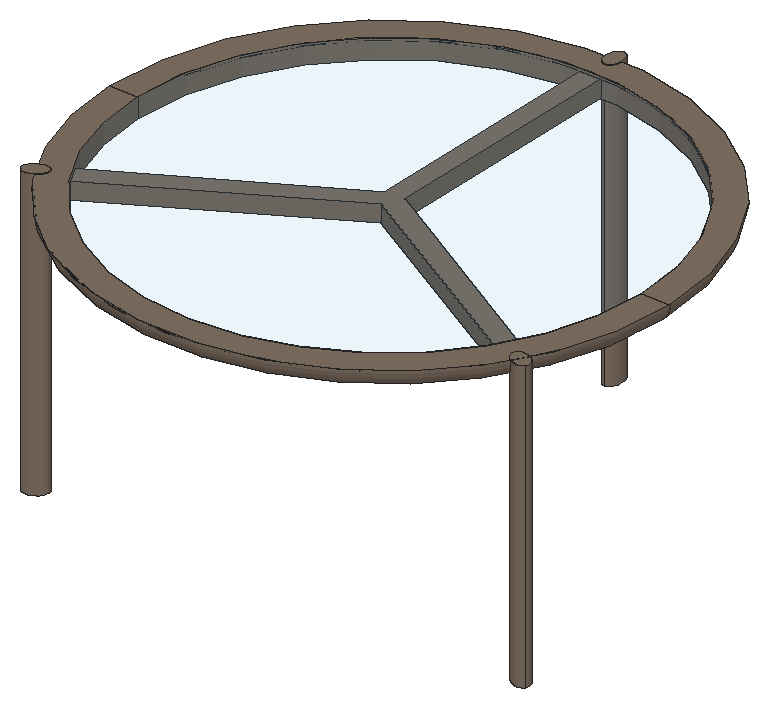
Revit family "Spoke_Tables_BIM", category Arredi, Revit 2023
Family settings
  Numero OmniClass = 23.40.20.00
  Titolo OmniClass = General Furniture and Specialties
  Basato su piano di lavoro = No
  Attiva taglio nelle viste = No
  Sempre verticale = Sì
  Taglio con vuoti quando caricato = No
  Origine composizione di rendering = Geometria famiglia
  Condiviso = No
  Punto di calcolo locali = No
Parameters (values of type "CB-325")
  URL = "https://bassamfellows.com/"
  TECHNICAL SHEET = "https://bassamfellows.com/collections/spoke-table"
  STRETCHERS 4 = no
  RADIUS = DIAMETER / 2  # 700 mm
  PRODUCT SHEET = "https://www.archiproducts.com/it/prodotti/bassamfellows/tavolo-rotondo-in-legno-e-vetro-spoke-tavolo_448120"
  PRODUCT CODE = "CB-325"
  Modello = "Spoke Dining Table"
  Produttore = "BassamFellows"
  MATERIAL DESCRIPTION = "Sliced solid wood, custom laminated, bent and carved. Low iron glass inset top."  # constant formula
  HEIGHT = 720 mm
  Descrizione = "Round wood and glass table"
  Prospetto di default = 0 mm
  DIAMETER = 1400 mm
  COLLECTION = "Spoke"
  BIM USER MANUAL = "https://bimcad.edilportale.com/BASSAMFELLOWS-BIM-USER-MANUAL-BassamFellows-bim.pdf"
  BIM BADGE = "https://bim.archiproducts.com/it/badge/bim-archiproducts-featured_658700/about"
  BIM AUTHOR = "https://bim.archiproducts.com/"
  BASE MATERIAL = BASSAM_FELLOWS_WALNUT_BLACK_OIL_W-BO
  AVAILABLE FINISHES = "Ebonized black lacquer on Ash (EB) or bleached, white pigment, matte acrylic on Ash (BL). Raw effect lacquer on Oak (RE). Hand rubbed natural oil on Oak or Walnut (NA), or hand rubbed black oil on Walnut (BO)."  # constant formula
  AVAILABLE DIMENSIONS = ""
  AVAILABLE COLORS = ""
  ACCESSORIES = ""
  325 = yes
  324 = no
  323 = no
Types (3, lengths in mm): name | STRETCHERS 4 | RADIUS | PRODUCT SHEET | PRODUCT CODE | DIAMETER | 325 | 324 | 323
  CB-325 | no | 700 | "https://www.archiproducts.com/it/prodotti/bassamfellows/tavolo-rotondo-in-legno-e-vetro-spoke-tavolo_448120" | "CB-325" | 1400 | yes | no | no
  CB-324 | yes | 600 | "https://www.archiproducts.com/it/prodotti/bassamfellows/tavolino-rotondo-in-legno-e-vetro-spoke-tavolino_448121" | "CB-324" | 1200 | no | yes | no
  CB-323 | yes | 450 | "https://www.archiproducts.com/it/prodotti/bassamfellows/tavolino-rotondo-in-legno-e-vetro-spoke-tavolino_448121" | "CB-323" | 900 | no | no | yes
Reference planes
  plane 1 "Center (Front/Back)": y = 0
  plane 2: z = 0
  plane 3 "Center (Left/Right)": x = 0
  plane 4 "TOP": z = 720
Forms (mm)
  Extrusion 1, solid, material "Glass", detail levels fine
    sketch origin (0, 0, 720) x (-1, 0, 0) y (0, -1, 0)
      loop
        circle (0, 0) r 630
    from 0 to -6.313
  Revolve 2, solid, material "BASSAM_FELLOWS_WALNUT_BLACK_OIL_W-BO" <- "BASE MATERIAL", detail levels fine
    sketch origin (0, 0, 0) x (1, 0, 0) y (0, 0, 1)
      loop
        line (-630, 720) -> (-700, 720)
        arc (-700, 720) -> (-685.355, 684.645) -> (-650, 670) r 50
        line (-650, 670) -> (-630, 670) -> (-630, 720)
      axis (0, 720) -> (0, 670)
    angle from 0 to 360
  Extrusion 3, solid, material "BASSAM_FELLOWS_WALNUT_BLACK_OIL_W-BO" <- "BASE MATERIAL", visible <- "323", detail levels fine
    sketch origin (0, 0, 0) x (1, 0, 0) y (0, 1, 0)
      loop
        spline (0, 420) -> (5.176, 421.022) -> (10, 424.019) -> (14.142, 428.787) -> (17.321, 435) -> (19.319, 442.235) -> (20, 450) -> (19.319, 457.765) -> (17.321, 465) -> (14.142, 471.213) -> (10, 475.981) -> (5.176, 478.978) -> (0, 480)
        spline (0, 480) -> (-5.176, 478.978) -> (-10, 475.981) -> (-14.142, 471.213) -> (-17.321, 465) -> (-19.319, 457.765) -> (-20, 450) -> (-19.319, 442.235) -> (-17.321, 435) -> (-14.142, 428.787) -> (-10, 424.019) -> (-5.176, 421.022) -> (0, 420)
      loop
        spline (0, -420) -> (-5.176, -421.022) -> (-10, -424.019) -> (-14.142, -428.787) -> (-17.321, -435) -> (-19.319, -442.235) -> (-20, -450) -> (-19.319, -457.765) -> (-17.321, -465) -> (-14.142, -471.213) -> (-10, -475.981) -> (-5.176, -478.978) -> (0, -480)
        spline (0, -480) -> (5.176, -478.978) -> (10, -475.981) -> (14.142, -471.213) -> (17.321, -465) -> (19.319, -457.765) -> (20, -450) -> (19.319, -442.235) -> (17.321, -435) -> (14.142, -428.787) -> (10, -424.019) -> (5.176, -421.022) -> (0, -420)
      loop
        spline (420, 0) -> (421.022, -5.176) -> (424.019, -10) -> (428.787, -14.142) -> (435, -17.321) -> (442.235, -19.319) -> (450, -20) -> (457.765, -19.319) -> (465, -17.321) -> (471.213, -14.142) -> (475.981, -10) -> (478.978, -5.176) -> (480, 0)
        spline (480, 0) -> (478.978, 5.176) -> (475.981, 10) -> (471.213, 14.142) -> (465, 17.321) -> (457.765, 19.319) -> (450, 20) -> (442.235, 19.319) -> (435, 17.321) -> (428.787, 14.142) -> (424.019, 10) -> (421.022, 5.176) -> (420, 0)
      loop
        spline (-420, 0) -> (-421.022, 5.176) -> (-424.019, 10) -> (-428.787, 14.142) -> (-435, 17.321) -> (-442.235, 19.319) -> (-450, 20) -> (-457.765, 19.319) -> (-465, 17.321) -> (-471.213, 14.142) -> (-475.981, 10) -> (-478.978, 5.176) -> (-480, 0)
        spline (-480, 0) -> (-478.978, -5.176) -> (-475.981, -10) -> (-471.213, -14.142) -> (-465, -17.321) -> (-457.765, -19.319) -> (-450, -20) -> (-442.235, -19.319) -> (-435, -17.321) -> (-428.787, -14.142) -> (-424.019, -10) -> (-421.022, -5.176) -> (-420, 0)
    from 0 to 720
  Extrusion 4, solid, material "BASSAM_FELLOWS_WALNUT_BLACK_OIL_W-BO" <- "BASE MATERIAL", visible <- "325", detail levels fine
    sketch origin (0, 0, 720) x (-1, 0, 0) y (0, -1, 0)
      loop
        line (25, -14.434) -> (561.915, 295.554)
        arc (561.915, 295.554) -> (549.926, 317.5) -> (536.915, 338.856) r 530
        line (536.915, 338.856) -> (0, 28.868) -> (-536.915, 338.856)
        arc (-536.915, 338.856) -> (-549.926, 317.5) -> (-561.915, 295.554) r 530
        line (-561.915, 295.554) -> (-25, -14.434) -> (-25, -634.41)
        arc (-25, -634.41) -> (0, -635) -> (25, -634.41) r 530
        line (25, -634.41) -> (25, -14.434)
    from -6.313 to -50
  Extrusion 5, solid, detail levels medium
    sketch origin (0, 0, 0) x (1, 0, 0) y (0, 1, 0)
      loop
        circle (0, 0) r 700
    from 0 to 720
  Extrusion 6, solid, material "BASSAM_FELLOWS_WALNUT_BLACK_OIL_W-BO" <- "BASE MATERIAL", visible <- "324", detail levels fine
    sketch origin (0, 0, 0) x (1, 0, 0) y (0, 1, 0)
      loop
        spline (0, 570) -> (5.176, 571.022) -> (10, 574.019) -> (14.142, 578.787) -> (17.321, 585) -> (19.319, 592.235) -> (20, 600) -> (19.319, 607.765) -> (17.321, 615) -> (14.142, 621.213) -> (10, 625.981) -> (5.176, 628.978) -> (0, 630)
        spline (0, 630) -> (-5.176, 628.978) -> (-10, 625.981) -> (-14.142, 621.213) -> (-17.321, 615) -> (-19.319, 607.765) -> (-20, 600) -> (-19.319, 592.235) -> (-17.321, 585) -> (-14.142, 578.787) -> (-10, 574.019) -> (-5.176, 571.022) -> (0, 570)
      loop
        spline (0, -570.843) -> (-5.176, -571.865) -> (-10, -574.862) -> (-14.142, -579.63) -> (-17.321, -585.843) -> (-19.319, -593.078) -> (-20, -600.843) -> (-19.319, -608.608) -> (-17.321, -615.843) -> (-14.142, -622.056) -> (-10, -626.824) -> (-5.176, -629.821) -> (0, -630.843)
        spline (0, -630.843) -> (5.176, -629.821) -> (10, -626.824) -> (14.142, -622.056) -> (17.321, -615.843) -> (19.319, -608.608) -> (20, -600.843) -> (19.319, -593.078) -> (17.321, -585.843) -> (14.142, -579.63) -> (10, -574.862) -> (5.176, -571.865) -> (0, -570.843)
      loop
        spline (570, 0) -> (571.022, -5.176) -> (574.019, -10) -> (578.787, -14.142) -> (585, -17.321) -> (592.235, -19.319) -> (600, -20) -> (607.765, -19.319) -> (615, -17.321) -> (621.213, -14.142) -> (625.981, -10) -> (628.978, -5.176) -> (630, 0)
        spline (630, 0) -> (628.978, 5.176) -> (625.981, 10) -> (621.213, 14.142) -> (615, 17.321) -> (607.765, 19.319) -> (600, 20) -> (592.235, 19.319) -> (585, 17.321) -> (578.787, 14.142) -> (574.019, 10) -> (571.022, 5.176) -> (570, 0)
      loop
        spline (-570, 0) -> (-571.022, 5.176) -> (-574.019, 10) -> (-578.787, 14.142) -> (-585, 17.321) -> (-592.235, 19.319) -> (-600, 20) -> (-607.765, 19.319) -> (-615, 17.321) -> (-621.213, 14.142) -> (-625.981, 10) -> (-628.978, 5.176) -> (-630, 0)
        spline (-630, 0) -> (-628.978, -5.176) -> (-625.981, -10) -> (-621.213, -14.142) -> (-615, -17.321) -> (-607.765, -19.319) -> (-600, -20) -> (-592.235, -19.319) -> (-585, -17.321) -> (-578.787, -14.142) -> (-574.019, -10) -> (-571.022, -5.176) -> (-570, 0)
    from 0 to 720
  Extrusion 7, void
    sketch origin (0, 0, 720) x (-1, 0, 0) y (0, -1, 0)
      loop
        circle (0, 0) r 800
      loop
        circle (0, 0) r 700
    from 102.88 to -152.087
  Extrusion 8, solid, material "BASSAM_FELLOWS_WALNUT_BLACK_OIL_W-BO" <- "BASE MATERIAL", visible <- "STRETCHERS 4", detail levels fine
    sketch origin (0, 0, 720) x (-1, 0, 0) y (0, -1, 0)
      loop
        line (25, -25) -> (634.41, -25)
        arc (634.41, -25) -> (635, 0) -> (634.41, 25) r 530
        line (634.41, 25) -> (25, 25) -> (25, 634.41)
        arc (25, 634.41) -> (0, 635) -> (-25, 634.41) r 530
        line (-25, 634.41) -> (-25, 25) -> (-634.41, 25)
        arc (-634.41, 25) -> (-635, 0) -> (-634.41, -25) r 530
        line (-634.41, -25) -> (-25, -25) -> (-25, -634.41)
        arc (-25, -634.41) -> (0, -635) -> (25, -634.41) r 530
        line (25, -634.41) -> (25, -25)
    from -6.313 to -50
  Extrusion 9, solid, material "BASSAM_FELLOWS_WALNUT_BLACK_OIL_W-BO" <- "BASE MATERIAL", visible <- "325", detail levels fine
    sketch origin (0.211, -0.056, 0) x (0.866012, -0.500023, 0) y (0.500023, 0.866012, 0)
      loop
        spline (670, 0) -> (671.022, -5.176) -> (674.019, -10) -> (678.787, -14.142) -> (685, -17.321) -> (692.235, -19.319) -> (700, -20) -> (707.765, -19.319) -> (715, -17.321) -> (721.213, -14.142) -> (725.981, -10) -> (728.978, -5.176) -> (730, 0)
        spline (730, 0) -> (728.978, 5.176) -> (725.981, 10) -> (721.213, 14.142) -> (715, 17.321) -> (707.765, 19.319) -> (700, 20) -> (692.235, 19.319) -> (685, 17.321) -> (678.787, 14.142) -> (674.019, 10) -> (671.022, 5.176) -> (670, 0)
      loop
        spline (-335.226, 580.171) -> (-331.255, 583.645) -> (-328.576, 588.652) -> (-327.373, 594.852) -> (-327.727, 601.822) -> (-329.615, 609.087) -> (-332.907, 616.152) -> (-337.38, 622.536) -> (-342.728, 627.803) -> (-348.587, 631.594) -> (-354.558, 633.652) -> (-360.234, 633.835) -> (-365.228, 632.132)
        spline (-365.228, 632.132) -> (-369.2, 628.659) -> (-371.878, 623.651) -> (-373.082, 617.451) -> (-372.727, 610.481) -> (-370.84, 603.216) -> (-367.547, 596.151) -> (-363.075, 589.768) -> (-357.727, 584.501) -> (-351.867, 580.71) -> (-345.896, 578.652) -> (-340.22, 578.468) -> (-335.226, 580.171)
      loop
        spline (-335.334, -580.466) -> (-340.328, -578.763) -> (-346.004, -578.947) -> (-351.974, -581.005) -> (-357.833, -584.797) -> (-363.181, -590.065) -> (-367.653, -596.448) -> (-370.945, -603.514) -> (-372.832, -610.779) -> (-373.186, -617.749) -> (-371.982, -623.949) -> (-369.303, -628.956) -> (-365.331, -632.429)
        spline (-365.331, -632.429) -> (-360.337, -634.132) -> (-354.661, -633.948) -> (-348.69, -631.89) -> (-342.831, -628.098) -> (-337.483, -622.83) -> (-333.011, -616.447) -> (-329.719, -609.381) -> (-327.832, -602.116) -> (-327.479, -595.146) -> (-328.682, -588.946) -> (-331.362, -583.939) -> (-335.334, -580.466)
    from 0 to 720
Cuts and joins
  Extrusion 7 cuts Extrusion 4
  Extrusion 7 cuts Extrusion 8
Lines and regions (mm)
  symbolic lines, detail levels coarse
    curve 1: circle (0, 0, 720) r 700 normal (0, 0, 1)
  symbolic lines, not visible, detail levels coarse
    curve 2: circle (0, 0, 720) r 250 normal (0, 0, 1)
Dimensions and locks
  "HEIGHT": plane 4 "TOP" to plane 2
  "RADIUS": Revolve 2 sketch curve to Revolve 2 sketch curve
  "RADIUS": radius of curve 1
  "RADIUS": radius of Extrusion 5 sketch curve
  "RADIUS": radius of Extrusion 7 sketch curve
  aligned and locked: level to plane 2
  aligned and locked: Extrusion 1 sketch curve to Revolve 2  (x2)
  aligned and locked: Revolve 2 to Extrusion 4
  aligned and locked: plane 4 "TOP" to Extrusion 5
  aligned and locked: plane 4 "TOP" to Extrusion 3
Automatic sketch dimensions
  Extrusion 4 sketch curve to plane 3 "Center (Left/Right)" = 0 mm
  Extrusion 4 sketch curve to Extrusion 4 sketch curve = 0 mm  (x2)
  plane 1 "Center (Front/Back)" to Extrusion 4 sketch curve = 28.868 mm
  plane 3 "Center (Left/Right)" to Extrusion 4 sketch curve = 25 mm
  Extrusion 4 sketch curve to plane 1 "Center (Front/Back)" = 14.434 mm
  Extrusion 4 sketch curve to Extrusion 4 sketch curve = 25 mm  (x2)
  Extrusion 4 sketch curve to Extrusion 4 sketch curve = 43.301 mm  (x2)
  plane 1 "Center (Front/Back)" to Extrusion 4 sketch curve = 295.554 mm
  plane 1 "Center (Front/Back)" to Extrusion 4 sketch curve = 338.856 mm
  plane 1 "Center (Front/Back)" to Extrusion 3 sketch curve = 0 mm  (x2)
  Extrusion 3 sketch curve to plane 3 "Center (Left/Right)" = 0 mm  (x2)
  Extrusion 3 sketch curve to plane 3 "Center (Left/Right)" = 420 mm
  Extrusion 3 sketch curve to Extrusion 3 sketch curve = 30 mm  (x4)
  plane 3 "Center (Left/Right)" to Extrusion 3 sketch curve = 420 mm
  plane 1 "Center (Front/Back)" to Extrusion 3 sketch curve = 420 mm
  Extrusion 3 sketch curve to plane 1 "Center (Front/Back)" = 420 mm
  plane 1 "Center (Front/Back)" to Extrusion 6 sketch curve = 0 mm  (x2)
  Extrusion 6 sketch curve to plane 3 "Center (Left/Right)" = 0 mm  (x2)
  Extrusion 6 sketch curve to plane 3 "Center (Left/Right)" = 570 mm
  Extrusion 6 sketch curve to Extrusion 6 sketch curve = 30 mm  (x4)
  plane 3 "Center (Left/Right)" to Extrusion 6 sketch curve = 570 mm
  plane 1 "Center (Front/Back)" to Extrusion 6 sketch curve = 570.843 mm
  Extrusion 6 sketch curve to plane 1 "Center (Front/Back)" = 570 mm
  plane 3 "Center (Left/Right)" to Extrusion 4 sketch curve = 90.933 mm
  Extrusion 4 sketch curve to Extrusion 4 sketch curve = 90.933 mm
  Extrusion 4 sketch curve to Extrusion 4 sketch curve = 181.865 mm
  Extrusion 4 sketch curve to Extrusion 4 sketch curve = 157.5 mm  (x2)
  plane 1 "Center (Front/Back)" to Extrusion 4 sketch curve = 52.5 mm
  Extrusion 4 sketch curve to Extrusion 4 sketch curve = 619.976 mm
  plane 1 "Center (Front/Back)" to Extrusion 8 sketch curve = 0 mm  (x2)
  Extrusion 8 sketch curve to plane 3 "Center (Left/Right)" = 0 mm  (x2)
  plane 3 "Center (Left/Right)" to Extrusion 8 sketch curve = 25 mm  (x2)
  Extrusion 8 sketch curve to Extrusion 8 sketch curve = 80 mm  (x4)
  Extrusion 8 sketch curve to Extrusion 8 sketch curve = 529.41 mm  (x4)
  Extrusion 8 sketch curve to plane 1 "Center (Front/Back)" = 25 mm  (x2)
  Extrusion 8 sketch curve to plane 3 "Center (Left/Right)" = 25 mm  (x2)
  plane 1 "Center (Front/Back)" to Extrusion 8 sketch curve = 25 mm  (x2)
  Extrusion 9 sketch curve to plane 3 "Center (Left/Right)" = 0 mm
  Extrusion 9 sketch curve to plane 1 "Center (Front/Back)" = 730 mm
  Extrusion 9 sketch curve to Extrusion 9 sketch curve = 14.896 mm
  Extrusion 9 sketch curve to Extrusion 9 sketch curve = 15.001 mm
  Extrusion 9 sketch curve to Extrusion 9 sketch curve = 14.999 mm
  Extrusion 9 sketch curve to Extrusion 9 sketch curve = 1005.226 mm
  Extrusion 9 sketch curve to Extrusion 9 sketch curve = 30 mm
  Extrusion 9 sketch curve to Extrusion 9 sketch curve = 580.171 mm
  Extrusion 9 sketch curve to Extrusion 9 sketch curve = 1160.637 mm
  Revolve 2 sketch curve to plane 4 "TOP" = 0 mm
  Revolve 2 sketch curve to plane 3 "Center (Left/Right)" = 0 mm
  Revolve 2 sketch curve to Revolve 2 sketch curve = 50 mm
  Revolve 2 sketch curve to Revolve 2 sketch curve = 20 mm
  Revolve 2 sketch curve to level = 440.494 mm
  plane 4 "TOP" to Revolve 2 sketch curve = 1597.414 mm
  plane 1 "Center (Front/Back)" to Extrusion 5 sketch curve = 0 mm
  Extrusion 5 sketch curve to plane 3 "Center (Left/Right)" = 0 mm
  curve 1 to curve 2 = 0 mm  (x2)
  plane 1 "Center (Front/Back)" to curve 2 = 0 mm
  curve 2 to plane 3 "Center (Left/Right)" = 0 mm
  Extrusion 7 sketch curve to Extrusion 7 sketch curve = 0 mm  (x2)
  plane 1 "Center (Front/Back)" to Extrusion 7 sketch curve = 0 mm
  Extrusion 7 sketch curve to plane 3 "Center (Left/Right)" = 0 mm
  radius of curve 2 = 250 mm
  radius of Extrusion 7 sketch curve = 800 mm
